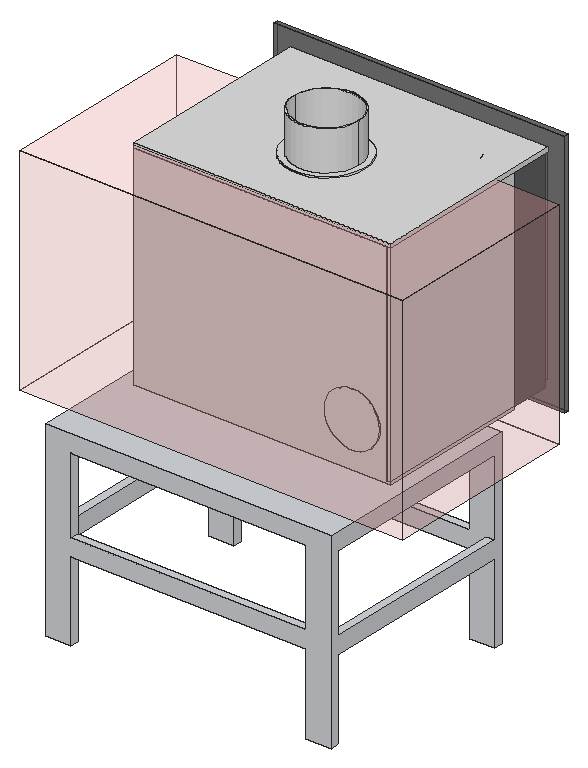
Revit family "FOGO MONTANHA-DESIGN-E609-STEEL DOOR-R19-V00", category Mechanical Equipment, host Wall, Revit 2019
Family settings
  Host = Wall
  Round Connector Dimension = Use Diameter
  Part Type = Normal
  OmniClass Number = 23.19.17.00
  Always vertical = Yes
  Cut with Voids When Loaded = No
  Shared = No
  Room Calculation Point = No
Parameters (values of type "Black Steel Door-4 sided Glass Frame 50mm")
  r_SmallDuct_Top = Diameter / 2  # 50 mm
  r_CentralDuct_Top = F / 2  # 75 mm
  r_Duct_back = 65 mm
  V = 182
  Support Table [instance] = yes
  Pu = 5.6
  Power = 8 kW
  Pn = 8
  P = 94
  Glass = Fogo Montanha-Glass
  Frame Type = FOGO MONTANHA-DESIGN-4L FRAME : E609-50mm-Glass
  Electrical Power = 32 W
  Electric tension = 230 V
  Efficiency at nominal power = "76%"
  Door_Glass_Offset = 70 mm
  Diameter = 100 mm
  Dark Glass = Fogo Montanha-Dark Glass
  URL = "https://welcome.fogo-montanha.com/pesquisar/PA2019P013"
  Door_Position = 5 mm  # constant formula
  Door = Fogo Montanha-Black Steel
  Offset_Door-Frame = 26.7 mm
  Model = "Design-E609"  # constant formula
  Manufacturer URL = "www.fogo-montanha.com"
  Manufacturer = "Fogo Montanha"  # constant formula
  Height from Level [instance] = 450 mm
  Version = "v00"  # constant formula
  Uniformat II Description = "Heat Generating Systems"  # constant formula
  Uniformat II Code = "D3020"  # constant formula
  Uniclass 2015 Name = "Space heaters"  # constant formula
  Uniclass 2015 Code = "TE_70_10_20_80"  # constant formula
  Uniclass 2.0 Description = "Space Heating And Cooling Products"  # constant formula
  Uniclass 2.0 Code = "PR-70-60-36-74"  # constant formula
  Uniclass 1.4 Description = "Fireplaces"  # constant formula
  Uniclass 1.4 Code = "L828"  # constant formula
  UNSPSC Description = "Space Heaters"  # constant formula
  UNSPSC Code = "40101819"  # constant formula
  Reference = "PA2019P013"
  Publication date = "08/2022"  # constant formula
  Number of Poles = 1
  NBS Reference Description = "Room Heaters"  # constant formula
  NBS Reference Code = "60-36-74"  # constant formula
  Masterformat 2014 Description = "Fireplaces and Stoves"  # constant formula
  Masterformat 2014 Code = "10 30 00"  # constant formula
  K = B + 13 mm  # 509 mm
  J = A + 17 mm  # 607 mm
  IfcExportType = "IfcSpaceHeaterType"  # constant formula
  IfcExportAs = "IfcSpaceHeater"  # constant formula
  G = 288 mm
  F = 150 mm
  Offset_Duct_Back = 90 mm
  Clearance Zone Visible [instance] = yes
  Clearance Zone = 150 mm
  Cl = 2.4
  CO2 = 9.1
  CO 13% O2 = 0.067
  Aux_Duct_Top = 120 mm
  Det_Door = 10 mm
  Description = "Inseríveis a lenha com ventilação tangencial incluída de série, disponíveis em preto, cinza ou porta em vidro. Incluem porta com sistema de fecho automático, ar externo canalizável através de um kit opcional, dupla combustão e câmara estanque. Possibilidade de regulação da ventilação através de um controlador GLA que, com a inclusão de um Damper, permitirá também o controlo do ar de combustão. Kit wi-fi opcional para gestão do controlador GLA à distância através de smartphone."  # constant formula
  D = 465 mm
  Body = Fogo Montanha-Steel Galvanized
  Base_Offset [instance] = if(and(Height from Level < 300 mm, Support Table), 300 mm, if(and(Height from Level > 545 mm, Support Table), 545 mm, Height from Level))  # 450 mm
  E = B  # 496 mm
  C = A  # 590 mm
  BIM Modeler URL = "www.stratbim.com"
  BIM Modeler = "StratBIM"
  B = 496 mm
  Assembly Code = "D3020"
  A = 590 mm
Types (6, lengths in mm): name | Frame Type
  Black Steel Door-4 sided Glass Frame 50mm | FOGO MONTANHA-DESIGN-4L FRAME : E609-50mm-Glass
  Black Steel Door-3 sided Glass Frame 50mm | FOGO MONTANHA-DESIGN-3L FRAME : E609-50mm-Glass
  Black Steel Door-4 sided Black Steel Frame 20mm | FOGO MONTANHA-DESIGN-4L FRAME : E609-20mm-Black Steel
  Black Steel Door-4 sided Black Steel Frame 45mm | FOGO MONTANHA-DESIGN-4L FRAME : E609-45mm-Black Steel
  Black Steel Door-3 sided Black Steel Frame 20mm | FOGO MONTANHA-DESIGN-3L FRAME : E609-20mm-Black Steel
  Black Steel Door-3 sided Black Steel Frame 45mm | FOGO MONTANHA-DESIGN-3L FRAME : E609-45mm-Black Steel
Reference planes
  plane 1 "Wall": y = 0
  plane 2 "Center (Left/Right)": x = 0
  plane 3 "Front": y = 75
  plane 4 "2": x = 295
  plane 5 "3": x = -295
  plane 6 "4": x = -295
  plane 7 "5": x = 295
  plane 8 "6": x = -303.5
  plane 9 "7": x = 303.5
  plane 10 "K'": z = 959
  plane 11 "K": z = 450
  plane 12: y = -200
  plane 13: y = -390
  plane 14 "8": x = -50
  plane 15 "9": x = 50
  plane 16 "10": x = 213.5
  plane 17: z = 704.5
  plane 18 "B'": z = 952.5
  plane 19 "B": z = 456.5
  plane 20 "E'": z = 952.5
  plane 21 "E": z = 456.5
  plane 22 "L": z = 558.7
  plane 23: y = -46
  plane 24 "M": x = -183.5
  plane 25 "M'": x = 183.5
  plane 26: z = 462
  plane 27 "S": x = -298.5
  plane 28 "T": x = 298.5
  plane 29 "U": x = 271.8
  plane 30 "V": x = -271.8
  plane 31: z = 925.8
  plane 32: z = 488.7
  plane 33: z = 558.7
  plane 34: z = 855.8
  plane 35 "W": x = 201.8
  plane 36 "X": x = -201.8
  plane 37: y = -340
  plane 38 "Y": x = 100
  plane 39 "AA": x = -100
  plane 40: y = 87
  plane 41 "BB": z = 1059
  plane 42 "Origin": z = 0
  plane 43: y = -25
Forms (mm)
  Extrusion 1, solid, material "Fogo Montanha-Steel Galvanized" <- "Body", detail levels coarse
    sketch origin (0, 75, 0) x (1, 0, 0) y (0, 0, 1)
      loop
        line (303.5, 450) -> (303.5, 952.5) -> (-303.5, 952.5) -> (-303.5, 450) -> (303.5, 450)
    from 0 to 465
  Extrusion 2, solid, material "Fogo Montanha-Steel Galvanized" <- "Body", detail levels medium+fine
    sketch origin (-303.5, 0, 0) x (0, 1, 0) y (0, 0, 1)
      loop
        line (-25, 456.5) -> (-25, 952.5) -> (-200, 952.5) -> (-390, 952.5) -> (-390, 456.5) -> (-25, 456.5)
    from 0 to 8.5
  Extrusion 3, solid, material "Fogo Montanha-Steel Galvanized" <- "Body", detail levels medium+fine
    sketch origin (303.5, 30, 0) x (0, 1, 0) y (0, 0, -1)
      loop
        line (-55, -456.5) -> (-420, -456.5) -> (-420, -952.5) -> (-230, -952.5) -> (-55, -952.5) -> (-55, -456.5)
    from 0 to 8.5
  Extrusion 4, solid, material "Fogo Montanha-Steel Galvanized" <- "Body", detail levels medium+fine
    sketch origin (1420, -390, 1200) x (1, 0, 0) y (0, 0, 1)
      loop
        line (-1125, -743.5) -> (-1125, -247.5) -> (-1715, -247.5) -> (-1715, -743.5) -> (-1125, -743.5)
    from 0 to -8
  Extrusion 5, solid, material "Fogo Montanha-Steel Galvanized" <- "Body", detail levels medium+fine
    sketch origin (2348.699, 225, 952.5) x (1, 0, 0) y (0, 1, 0)
      loop
        line (-2652.199, -150) -> (-2652.199, -615) -> (-2045.199, -615) -> (-2045.199, -150) -> (-2652.199, -150)
      loop
        circle (-2348.699, -425) r 75
    from 10 to 0
  Extrusion 6, solid, material "Fogo Montanha-Steel Galvanized" <- "Body", detail levels medium+fine
    sketch origin (2348.699, 225, 456.5) x (1, 0, 0) y (0, 1, 0)
      loop
        line (-2652.199, -250) -> (-2652.199, -615) -> (-2045.199, -615) -> (-2045.199, -250) -> (-2652.199, -250)
    from -6.5 to 0
  Extrusion 7, solid, material "Fogo Montanha-Steel Galvanized" <- "Body", detail levels medium+fine
    sketch origin (1420, -390, 1200) x (1, 0, 0) y (0, 0, 1)
      loop
        circle (-1206.5, -641.3) r 65
    from 0 to 1
  Sweep 8, solid, material "Fogo Montanha-Steel Galvanized" <- "Body"
    path in 3D
      loop
        arc (-75, -200, 959) -> (0, -275, 959) -> (75, -200, 959) r 75
        arc (75, -200, 959) -> (0, -125, 959) -> (-75, -200, 959) r 75
    profile origin (0, -125, 959) x (0, -1, 0) y (0, 0, 1)
      loop
        line (0, 3.5) -> (0, 100) -> (-2, 100) -> (-2, 6.467) -> (-17, 6.467) -> (-17, 3.5) -> (0, 3.5)
  Extrusion 9, solid, material "Fogo Montanha-Dark Glass" <- "Dark Glass", detail levels medium+fine
    sketch origin (0, 75, 0) x (1, 0, 0) y (0, 0, 1)
      loop
        line (271.8, 488.7) -> (271.8, 925.8) -> (-271.8, 925.8) -> (-271.8, 488.7) -> (271.8, 488.7)
      loop
        line (201.8, 558.7) -> (201.8, 855.8) -> (-201.8, 855.8) -> (-201.8, 558.7) -> (201.8, 558.7)
    from 0 to -2
  Extrusion 10, solid, material "Fogo Montanha-Vermiculite", detail levels medium+fine
    sketch origin (-271.8, 0, 0) x (0, 1, 0) y (0, 0, 1)
      loop
        line (-25, 488.7) -> (-25, 855.8) -> (-200, 855.8) -> (-340, 704.5) -> (-340, 488.7) -> (-25, 488.7)
    from 0 to 8.5
  Extrusion 11, solid, material "Fogo Montanha-Vermiculite", detail levels medium+fine
    sketch origin (271.8, 0, 0) x (0, 1, 0) y (0, 0, 1)
      loop
        line (-25, 488.7) -> (-25, 855.8) -> (-200, 855.8) -> (-340, 704.5) -> (-340, 488.7) -> (-25, 488.7)
    from 0 to -8.5
  Extrusion 12, solid, material "Fogo Montanha-Vermiculite", detail levels medium+fine
    sketch origin (1420, -340, 1200) x (1, 0, 0) y (0, 0, 1)
      loop
        line (-1156.7, -711.3) -> (-1156.7, -495.5) -> (-1683.3, -495.5) -> (-1683.3, -711.3) -> (-1156.7, -711.3)
    from 0 to -8.5
  Extrusion 13, solid, material "Fogo Montanha-Vermiculite", detail levels medium+fine
    sketch origin (0, 0, 0) x (0, 1, 0) y (0, 0, 1)
      loop
        line (-200, 855.8) -> (-340, 704.5) -> (-329.009, 704.5) -> (-200, 842.392) -> (-200, 855.8)
    from -271.8 to 271.8
  Extrusion 14, solid, material "Fogo Montanha-Vermiculite", detail levels medium+fine
    sketch origin (2348.699, 225, 488.7) x (1, 0, 0) y (0, 1, 0)
      loop
        line (-2620.499, -250) -> (-2620.499, -565) -> (-2076.899, -565) -> (-2076.899, -250) -> (-2620.499, -250)
      loop
        line (-2248.699, -271) -> (-2448.699, -271) -> (-2448.699, -425) -> (-2248.699, -425) -> (-2248.699, -271)
    from 0 to 10
  Extrusion 15, solid, material "Fogo Montanha-Steel Galvanized", detail levels medium+fine
    sketch origin (2348.699, 225, 488.7) x (1, 0, 0) y (0, 1, 0)
      loop
        line (-2248.699, -271) -> (-2448.699, -271) -> (-2448.699, -425) -> (-2248.699, -425) -> (-2248.699, -271)
      loop
        line (-2435.699, -300) -> (-2361.699, -300)
        arc (-2361.699, -300) -> (-2359.578, -299.121) -> (-2358.699, -297) r 3
        line (-2358.699, -297) -> (-2358.699, -284)
        arc (-2358.699, -284) -> (-2359.578, -281.879) -> (-2361.699, -281) r 3
        line (-2361.699, -281) -> (-2435.699, -281)
        arc (-2435.699, -281) -> (-2437.82, -281.879) -> (-2438.699, -284) r 3
        line (-2438.699, -284) -> (-2438.699, -297)
        arc (-2438.699, -297) -> (-2437.82, -299.121) -> (-2435.699, -300) r 3
      loop
        arc (-2261.699, -300) -> (-2259.578, -299.121) -> (-2258.699, -297) r 3
        line (-2258.699, -297) -> (-2258.699, -284)
        arc (-2258.699, -284) -> (-2259.578, -281.879) -> (-2261.699, -281) r 3
        line (-2261.699, -281) -> (-2335.699, -281)
        arc (-2335.699, -281) -> (-2337.82, -281.879) -> (-2338.699, -284) r 3
        line (-2338.699, -284) -> (-2338.699, -297)
        arc (-2338.699, -297) -> (-2337.82, -299.121) -> (-2335.699, -300) r 3
        line (-2335.699, -300) -> (-2261.699, -300)
      loop
        line (-2435.699, -329) -> (-2361.699, -329)
        arc (-2361.699, -329) -> (-2359.578, -328.121) -> (-2358.699, -326) r 3
        line (-2358.699, -326) -> (-2358.699, -313)
        arc (-2358.699, -313) -> (-2359.578, -310.879) -> (-2361.699, -310) r 3
        line (-2361.699, -310) -> (-2435.699, -310)
        arc (-2435.699, -310) -> (-2437.82, -310.879) -> (-2438.699, -313) r 3
        line (-2438.699, -313) -> (-2438.699, -326)
        arc (-2438.699, -326) -> (-2437.82, -328.121) -> (-2435.699, -329) r 3
      loop
        arc (-2261.699, -329) -> (-2259.578, -328.121) -> (-2258.699, -326) r 3
        line (-2258.699, -326) -> (-2258.699, -313)
        arc (-2258.699, -313) -> (-2259.578, -310.879) -> (-2261.699, -310) r 3
        line (-2261.699, -310) -> (-2335.699, -310)
        arc (-2335.699, -310) -> (-2337.82, -310.879) -> (-2338.699, -313) r 3
        line (-2338.699, -313) -> (-2338.699, -326)
        arc (-2338.699, -326) -> (-2337.82, -328.121) -> (-2335.699, -329) r 3
        line (-2335.699, -329) -> (-2261.699, -329)
      loop
        line (-2435.699, -358) -> (-2361.699, -358)
        arc (-2361.699, -358) -> (-2359.578, -357.121) -> (-2358.699, -355) r 3
        line (-2358.699, -355) -> (-2358.699, -342)
        arc (-2358.699, -342) -> (-2359.578, -339.879) -> (-2361.699, -339) r 3
        line (-2361.699, -339) -> (-2435.699, -339)
        arc (-2435.699, -339) -> (-2437.82, -339.879) -> (-2438.699, -342) r 3
        line (-2438.699, -342) -> (-2438.699, -355)
        arc (-2438.699, -355) -> (-2437.82, -357.121) -> (-2435.699, -358) r 3
      loop
        arc (-2261.699, -358) -> (-2259.578, -357.121) -> (-2258.699, -355) r 3
        line (-2258.699, -355) -> (-2258.699, -342)
        arc (-2258.699, -342) -> (-2259.578, -339.879) -> (-2261.699, -339) r 3
        line (-2261.699, -339) -> (-2335.699, -339)
        arc (-2335.699, -339) -> (-2337.82, -339.879) -> (-2338.699, -342) r 3
        line (-2338.699, -342) -> (-2338.699, -355)
        arc (-2338.699, -355) -> (-2337.82, -357.121) -> (-2335.699, -358) r 3
        line (-2335.699, -358) -> (-2261.699, -358)
      loop
        line (-2435.699, -387) -> (-2361.699, -387)
        arc (-2361.699, -387) -> (-2359.578, -386.121) -> (-2358.699, -384) r 3
        line (-2358.699, -384) -> (-2358.699, -371)
        arc (-2358.699, -371) -> (-2359.578, -368.879) -> (-2361.699, -368) r 3
        line (-2361.699, -368) -> (-2435.699, -368)
        arc (-2435.699, -368) -> (-2437.82, -368.879) -> (-2438.699, -371) r 3
        line (-2438.699, -371) -> (-2438.699, -384)
        arc (-2438.699, -384) -> (-2437.82, -386.121) -> (-2435.699, -387) r 3
      loop
        arc (-2261.699, -387) -> (-2259.578, -386.121) -> (-2258.699, -384) r 3
        line (-2258.699, -384) -> (-2258.699, -371)
        arc (-2258.699, -371) -> (-2259.578, -368.879) -> (-2261.699, -368) r 3
        line (-2261.699, -368) -> (-2335.699, -368)
        arc (-2335.699, -368) -> (-2337.82, -368.879) -> (-2338.699, -371) r 3
        line (-2338.699, -371) -> (-2338.699, -384)
        arc (-2338.699, -384) -> (-2337.82, -386.121) -> (-2335.699, -387) r 3
        line (-2335.699, -387) -> (-2261.699, -387)
      loop
        line (-2435.699, -416) -> (-2361.699, -416)
        arc (-2361.699, -416) -> (-2359.578, -415.121) -> (-2358.699, -413) r 3
        line (-2358.699, -413) -> (-2358.699, -400)
        arc (-2358.699, -400) -> (-2359.578, -397.879) -> (-2361.699, -397) r 3
        line (-2361.699, -397) -> (-2435.699, -397)
        arc (-2435.699, -397) -> (-2437.82, -397.879) -> (-2438.699, -400) r 3
        line (-2438.699, -400) -> (-2438.699, -413)
        arc (-2438.699, -413) -> (-2437.82, -415.121) -> (-2435.699, -416) r 3
      loop
        arc (-2261.699, -416) -> (-2259.578, -415.121) -> (-2258.699, -413) r 3
        line (-2258.699, -413) -> (-2258.699, -400)
        arc (-2258.699, -400) -> (-2259.578, -397.879) -> (-2261.699, -397) r 3
        line (-2261.699, -397) -> (-2335.699, -397)
        arc (-2335.699, -397) -> (-2337.82, -397.879) -> (-2338.699, -400) r 3
        line (-2338.699, -400) -> (-2338.699, -413)
        arc (-2338.699, -413) -> (-2337.82, -415.121) -> (-2335.699, -416) r 3
        line (-2335.699, -416) -> (-2261.699, -416)
    from 0 to 10
  Extrusion 16, solid, material "Fogo Montanha-Black Steel", detail levels medium+fine
    sketch origin (0, 75, 0) x (1, 0, 0) y (0, 0, 1)
      loop
        line (271.8, 488.7) -> (271.8, 925.8) -> (-271.8, 925.8) -> (-271.8, 488.7) -> (-269.8, 488.7) -> (-269.8, 923.8) -> (269.8, 923.8) -> (269.8, 488.7) -> (271.8, 488.7)
    from 0 to 100
  Extrusion 17, solid, visible <- "Clearance Zone Visible"
    sketch origin (2348.699, 225, 952.5) x (1, 0, 0) y (0, 1, 0)
      loop
        line (-2802.199, -300) -> (-2802.199, -765) -> (-1895.199, -765) -> (-1895.199, -300) -> (-2045.199, -300) -> (-2045.199, -615) -> (-2652.199, -615) -> (-2652.199, -300) -> (-2802.199, -300)
    from -502.5 to 6.5
  Extrusion 18, solid
    sketch origin (2348.699, 225, 959) x (1, 0, 0) y (0, 1, 0)
      loop
        circle (-2165.199, -271) r 50
    from 0 to 1
  Extrusion 19, solid
    sketch origin (2348.699, 225, 959) x (1, 0, 0) y (0, 1, 0)
      loop
        circle (-2532.199, -271) r 50
    from 0 to 1
  Extrusion 20, solid, material "Fogo Montanha-Black Steel", detail levels medium+fine
    sketch origin (1420, -25, 1200) x (1, 0, 0) y (0, 0, 1)
      loop
        line (-1148.2, -711.3) -> (-1148.2, -274.2) -> (-1691.8, -274.2) -> (-1691.8, -711.3) -> (-1148.2, -711.3)
      loop
        line (-1125, -750) -> (-1125, -247.5) -> (-1715, -247.5) -> (-1715, -750) -> (-1125, -750)
    from 0 to -10
  Extrusion 21, solid, material "Fogo Montanha-Black Steel", detail levels medium+fine
    sketch origin (0, 75, 0) x (1, 0, 0) y (0, 0, 1)
      loop
        line (271.8, 486.7) -> (271.8, 925.8) -> (-271.8, 925.8) -> (-271.8, 486.7) -> (271.8, 486.7)
      loop
        line (269.8, 488.7) -> (269.8, 923.8) -> (-269.8, 923.8) -> (-269.8, 488.7) -> (269.8, 488.7)
    from 0 to 100
  Extrusion 22, solid, material "Fogo Montanha-Black Steel", detail levels medium+fine
    sketch origin (0, 75, 0) x (1, 0, 0) y (0, 0, 1)
      loop
        line (297, 450) -> (297, 952.5) -> (-297, 952.5) -> (-297, 450) -> (297, 450)
      loop
        line (295, 452) -> (295, 950.5) -> (-295, 950.5) -> (-295, 452) -> (295, 452)
    from 0 to 100
  Extrusion 23, solid, material "Fogo Montanha-Dark Glass", detail levels medium+fine
    sketch origin (0, 75, 0) x (1, 0, 0) y (0, 0, 1)
      loop
        line (271.8, 488.7) -> (271.8, 925.8) -> (-271.8, 925.8) -> (-271.8, 488.7) -> (271.8, 488.7)
      loop
        line (-201.8, 558.7) -> (201.8, 558.7) -> (201.8, 855.8) -> (-201.8, 855.8) -> (-201.8, 558.7)
    from 0 to 2
  Extrusion 24, solid, material "Fogo Montanha-Glass" <- "Glass", detail levels medium+fine
    sketch origin (0, 75, 0) x (1, 0, 0) y (0, 0, 1)
      loop
        line (201.8, 558.7) -> (201.8, 855.8) -> (-201.8, 855.8) -> (-201.8, 558.7) -> (201.8, 558.7)
    from 0 to 2
  Extrusion 25, solid, material "Fogo Montanha-Steel", detail levels medium+fine
    sketch origin (0, 0, 0) x (0, 1, 0) y (0, 0, 1)
      loop
        line (-46, 884.8) -> (-46, 892.8) -> (-250, 892.8) -> (-250, 867.347) -> (-200, 867.347) -> (-180, 855.8) -> (-75, 855.8) -> (-46, 884.8)
    from -150 to 150
  Extrusion 26, solid, material "Fogo Montanha-Black Steel", detail levels medium+fine
    sketch origin (0, 0, 103.5) x (1, 0, 0) y (0, 0, 1)
      loop
        line (271.8, 385.2) -> (271.8, 822.3) -> (-271.8, 822.3) -> (-271.8, 385.2) -> (271.8, 385.2)
      loop
        line (-201.8, 455.2) -> (201.8, 455.2) -> (201.8, 752.3) -> (-201.8, 752.3) -> (-201.8, 455.2)
    from -20 to -22
  Extrusion 27, solid, material "Fogo Montanha-Black Steel", detail levels medium+fine
    sketch origin (0, 75, 107.7) x (1, 0, 0) y (0, 0, 1)
      loop
        line (271.8, 451) -> (-271.8, 451) -> (-271.8, 449) -> (271.8, 449) -> (271.8, 451)
    from 2 to 53
Cuts and joins
  joined: Extrusion 10, Extrusion 11, Extrusion 12, Extrusion 13, Extrusion 14
  joined: Extrusion 21, Extrusion 27
  joined: Extrusion 16, Extrusion 26
  joined: Extrusion 2, Extrusion 4, Extrusion 6
Lines and regions (mm)
  Opening 1
    outline origin (-5000, -75, 0) x (1, 0, 0) y (0, 0, 1)
      loop
        line (4696.5, 450) -> (5303.5, 450) -> (5303.5, 959) -> (4696.5, 959) -> (4696.5, 450)
  reference lines
    curve 1: circle (0, -200, 959) r 75 normal (0, 0, 1)
    curve 2: circle (213.5, 75, 558.7) r 65 normal (0, -1, 0)
    curve 4: circle (-183.5, -46, 952.5) r 50 normal (0, 0, 1)
    curve 5: circle (183.5, -46, 952.5) r 50 normal (0, 0, 1)
  sketch lines
    curve 3: circle (0, -200, 959) r 75 normal (0, 0, 1)
Text (mm)
  text "Placement side" at (-1304.494, 278.82, 0), in view "Ref. Level"
  text "Placement side" at (0, 1334.055, 2976.191), in view "Left"
  text "Placement side" at (0, 439.194, 2944.362), in view "Right"
Dimensions and locks
  locked: plane 3 "Front" to host wall at 0
  "C": plane 4 "2" to plane 5 "3"
  equal spacing: plane 4 "2", plane 2 "Center (Left/Right)", plane 5 "3"
  equal spacing: plane 7 "5", plane 2 "Center (Left/Right)", plane 6 "4"
  "A": plane 7 "5" to plane 6 "4"
  equal spacing: plane 9 "7", plane 2 "Center (Left/Right)", plane 8 "6"
  "J": plane 8 "6" to plane 9 "7"
  "K": plane 11 "K" to plane 10 "K'"
  "Base_Offset": level to plane 11 "K"
  equal spacing: plane 14 "8", plane 2 "Center (Left/Right)", plane 15 "9"
  plane 14 "8" to plane 15 "9" = 100 mm
  equal spacing: plane 11 "K", plane 17, plane 10 "K'"
  equal spacing: plane 19 "B", plane 17, plane 18 "B'"
  "B": plane 19 "B" to plane 18 "B'"
  equal spacing: plane 21 "E", plane 17, plane 20 "E'"
  "E": plane 21 "E" to plane 20 "E'"
  "Offset_Duct_Back": plane 9 "7" to plane 16 "10"
  locked: plane 11 "K" to plane 22 "L" at 108.7
  "Aux_Duct_Top": plane 8 "6" to plane 24 "M"
  "Aux_Duct_Top": plane 25 "M'" to plane 9 "7"
  "Offset_Door-Frame": plane 26 to plane 32
  "Offset_Door-Frame": plane 28 "T" to plane 29 "U"
  "Offset_Door-Frame": plane 30 "V" to plane 27 "S"
  "Door_Glass_Offset": plane 32 to plane 33
  "Door_Glass_Offset": plane 34 to plane 31
  "Door_Glass_Offset": plane 29 "U" to plane 35 "W"
  "Door_Glass_Offset": plane 36 "X" to plane 30 "V"
  locked: plane 13 to plane 37 at 50
  locked: plane 3 "Front" to plane 40 at 12
  Extrusion 15 sketch curve to Extrusion 15 sketch curve to Extrusion 15 sketch curve to Extrusion 15 sketch curve to Extrusion 15 sketch curve to Extrusion 15 sketch curve = 10 mm locked, 80 mm locked, 20 mm locked, 80 mm locked, 10 mm locked
  Extrusion 15 sketch curve to Extrusion 15 sketch curve to Extrusion 15 sketch curve to Extrusion 15 sketch curve to Extrusion 15 sketch curve to Extrusion 15 sketch curve to Extrusion 15 sketch curve to Extrusion 15 sketch curve to Extrusion 15 sketch curve to Extrusion 15 sketch curve to Extrusion 15 sketch curve to Extrusion 15 sketch curve = 10 mm locked, 19 mm locked, 10 mm locked, 19 mm locked, 10 mm locked, 19 mm locked, 10 mm locked, 19 mm locked, 10 mm locked, 19 mm locked, 9 mm locked
  "Door_Position": plane 9 "7" to plane 28 "T"
  "Door_Position": plane 27 "S" to plane 8 "6"
  locked: plane 43 to plane 3 "Front" at 100
  "Clearance Zone": Extrusion 17 sketch curve to Extrusion 17 sketch curve  (x3)
  locked: Extrusion 9 to Extrusion 16 at 2
  locked: Extrusion 16 to Extrusion 9 at 2  (x2)
  locked: Extrusion 21 sketch curve to Extrusion 9 at 2
  "Offset_Door-Frame": plane 31 to plane 20 "E'"
  locked: plane 10 "K'" to plane 41 "BB" at 100
  Extrusion 27 sketch curve to plane 33 = 2 mm
  plane 11 "K" to Extrusion 22 sketch curve = 2 mm
  locked: Extrusion 22 sketch curve to plane 20 "E'" at 2
  locked: Extrusion 22 sketch curve to plane 7 "5" at 2
  locked: plane 6 "4" to Extrusion 22 sketch curve at 2
  plane 11 "K" to plane 21 "E" = 6.5 mm
  locked: plane 11 "K" to plane 26 at 12
  locked: plane 23 to plane 43 at 21
  locked: plane 12 to plane 23 at 154
  locked: plane 37 to plane 12 at 140
  locked: plane 43 to plane 1 "Wall" at 25
  cut or joined group of Extrusion 16, Extrusion 26 to cut or joined group of Extrusion 16, Extrusion 26 to plane 40 = 2 mm locked, 65 mm locked
  "r_CentralDuct_Top": radius of curve 1
  "r_Duct_back": radius of curve 2
  "r_SmallDuct_Top": radius of curve 5
  "r_SmallDuct_Top": radius of curve 4
  aligned and locked: plane 8 "6" to Opening 1 sketch curve
  aligned and locked: Opening 1 sketch curve to plane 9 "7"
  aligned and locked: plane 10 "K'" to Opening 1 sketch curve
  aligned and locked: plane 11 "K" to Opening 1 sketch curve
  aligned and locked: plane 8 "6" to Extrusion 1 sketch curve
  aligned and locked: Extrusion 1 sketch curve to plane 9 "7"
  aligned and locked: plane 18 "B'" to Extrusion 1 sketch curve
  aligned and locked: plane 13 to Extrusion 1
  aligned and locked: plane 19 "B" to Extrusion 2 sketch curve
  aligned and locked: plane 18 "B'" to Extrusion 2 sketch curve
  aligned and locked: plane 13 to Extrusion 2 sketch curve
  aligned and locked: Extrusion 3 sketch curve to plane 18 "B'"
  aligned and locked: Extrusion 3 sketch curve to plane 13
  aligned and locked: Extrusion 3 sketch curve to plane 19 "B"
  aligned and locked: plane 4 "2" to Extrusion 4 sketch curve
  aligned and locked: plane 5 "3" to Extrusion 4 sketch curve
  aligned and locked: plane 21 "E" to Extrusion 4 sketch curve
  aligned and locked: plane 20 "E'" to Extrusion 4 sketch curve
  aligned and locked: plane 5 "3" to Extrusion 2
  aligned and locked: Extrusion 3 to plane 4 "2"
  aligned and locked: Extrusion 5 sketch curve to plane 8 "6"
  aligned and locked: plane 9 "7" to Extrusion 5 sketch curve
  aligned and locked: Extrusion 5 sketch curve to plane 13
  aligned and locked: Extrusion 5 sketch curve to curve 1
  aligned and locked: plane 9 "7" to Extrusion 6 sketch curve
  aligned and locked: Extrusion 6 sketch curve to plane 8 "6"
  aligned and locked: Extrusion 6 sketch curve to plane 13
  aligned and locked: Extrusion 7 sketch curve to curve 2
  aligned and locked: plane 24 "M" to curve 4
  aligned and locked: plane 23 to curve 4
  aligned and locked: plane 23 to curve 5
  aligned and locked: plane 25 "M'" to curve 5
  aligned and locked: plane 32 to Extrusion 9 sketch curve
  aligned and locked: Extrusion 9 sketch curve to plane 29 "U"
  aligned and locked: Extrusion 9 sketch curve to plane 31
  aligned and locked: plane 30 "V" to Extrusion 9 sketch curve
  aligned and locked: Extrusion 10 to plane 32
  aligned and locked: plane 34 to Extrusion 10 sketch curve
  aligned and locked: plane 12 to Extrusion 10 sketch curve
  aligned and locked: Extrusion 12 to Extrusion 10
  aligned and locked: Extrusion 12 to Extrusion 11
  aligned and locked: Extrusion 11 sketch curve to Extrusion 12
  aligned and locked: Extrusion 10 sketch curve to plane 37
  aligned and locked: plane 17 to Extrusion 12
  aligned and locked: plane 17 to Extrusion 10 sketch curve
  aligned and locked: plane 17 to Extrusion 11 sketch curve
  aligned and locked: Extrusion 13 sketch curve to Extrusion 10
  aligned and locked: plane 17 to Extrusion 13 sketch curve
  aligned and locked: plane 12 to Extrusion 13 sketch curve
  aligned and locked: plane 29 "U" to Extrusion 13
  aligned and locked: Extrusion 13 to plane 30 "V"
  aligned and locked: Extrusion 10 to Extrusion 12
  aligned and locked: Extrusion 14 sketch curve to plane 30 "V"
  aligned and locked: Extrusion 14 sketch curve to plane 37
  aligned and locked: Extrusion 14 sketch curve to plane 29 "U"
  aligned and locked: plane 12 to Extrusion 14 sketch curve
  aligned and locked: Extrusion 14 sketch curve to plane 23
  aligned and locked: Extrusion 14 sketch curve to plane 39 "AA"
  aligned and locked: plane 38 "Y" to Extrusion 14 sketch curve
  aligned and locked: Extrusion 15 sketch curve to plane 38 "Y"
  aligned and locked: Extrusion 15 sketch curve to plane 23
  aligned and locked: Extrusion 15 to plane 32
  aligned and locked: Extrusion 14 to Extrusion 15
  aligned and locked: Extrusion 15 sketch curve to Extrusion 15 sketch curve  (x26)
  aligned and locked: nested 1 to plane 2 "Center (Left/Right)"
  aligned and locked: plane 41 "BB" to Sweep 8 sketch curve
  aligned and locked: Extrusion 5 to Sweep 8 sketch curve
  aligned and locked: level to plane 42 "Origin"
  aligned and locked: Extrusion 10 sketch curve to plane 43
  aligned and locked: plane 43 to Extrusion 3 sketch curve
  aligned and locked: Extrusion 2 sketch curve to plane 43
  aligned and locked: plane 29 "U" to Extrusion 16 sketch curve
  aligned and locked: plane 31 to Extrusion 16 sketch curve
  aligned and locked: plane 30 "V" to Extrusion 16 sketch curve
  aligned and locked: Extrusion 16 sketch curve to plane 32
  aligned and locked: plane 32 to Extrusion 16 sketch curve
  aligned and locked: plane 43 to Extrusion 16
  aligned and locked: Extrusion 14 sketch curve to plane 43
  aligned and locked: Extrusion 17 sketch curve to host wall
  aligned and locked: host wall to Extrusion 17 sketch curve
  aligned and locked: Extrusion 17 to host wall  (x2)
  aligned and locked: Extrusion 18 sketch curve to curve 5
  aligned and locked: Extrusion 19 sketch curve to curve 4
  aligned and locked: Extrusion 6 to plane 11 "K"
  aligned and locked: nested 1 to plane 17
  aligned and locked: Extrusion 22 sketch curve to plane 7 "5"
  aligned and locked: Extrusion 22 sketch curve to plane 20 "E'"
  aligned and locked: plane 6 "4" to Extrusion 22 sketch curve
  aligned and locked: plane 31 to Extrusion 23 sketch curve
  aligned and locked: Extrusion 23 sketch curve to plane 30 "V"
  aligned and locked: plane 29 "U" to Extrusion 23 sketch curve
  aligned and locked: Extrusion 23 sketch curve to plane 32
  aligned and locked: Extrusion 6 to Extrusion 2
  aligned and locked: plane 35 "W" to Extrusion 9 sketch curve
  aligned and locked: plane 34 to Extrusion 9 sketch curve
  aligned and locked: plane 36 "X" to Extrusion 9 sketch curve
  aligned and locked: plane 33 to Extrusion 9 sketch curve
  aligned and locked: plane 35 "W" to Extrusion 24 sketch curve
  aligned and locked: plane 34 to Extrusion 24 sketch curve
  aligned and locked: plane 33 to Extrusion 24 sketch curve
  aligned and locked: plane 36 "X" to Extrusion 24 sketch curve
  aligned and locked: Extrusion 11 sketch curve to plane 43
  aligned and locked: plane 23 to Extrusion 25 sketch curve
  aligned and locked: Extrusion 27 to Extrusion 26
  aligned and locked: Extrusion 27 sketch curve to plane 33
  aligned and locked: plane 29 "U" to Extrusion 26 sketch curve
  aligned and locked: Extrusion 26 sketch curve to plane 30 "V"
  aligned and locked: plane 29 "U" to Extrusion 27
  aligned and locked: Extrusion 27 to plane 30 "V"
  aligned and locked: Extrusion 26 sketch curve to plane 34
  aligned and locked: plane 31 to Extrusion 26 sketch curve
  aligned and locked: plane 9 "7" to Extrusion 17 sketch curve
  aligned and locked: Extrusion 17 sketch curve to plane 8 "6"
  aligned and locked: plane 13 to Extrusion 17 sketch curve
  aligned and locked: Extrusion 20 sketch curve to plane 20 "E'"
  aligned and locked: Extrusion 20 sketch curve to plane 31
  aligned and locked: Extrusion 20 sketch curve to plane 32
  aligned and locked: Extrusion 20 sketch curve to plane 7 "5"
  aligned and locked: Extrusion 20 sketch curve to plane 29 "U"
  aligned and locked: Extrusion 20 sketch curve to plane 6 "4"
  aligned and locked: Extrusion 20 sketch curve to plane 30 "V"
  aligned and locked: plane 33 to Extrusion 26 sketch curve
  aligned and locked: Extrusion 26 sketch curve to plane 32
  aligned and locked: Extrusion 1 sketch curve to plane 11 "K"
  aligned and locked: Extrusion 22 sketch curve to plane 11 "K"
  aligned and locked: Extrusion 20 sketch curve to plane 11 "K"
  aligned and locked: nested 2 to plane 2 "Center (Left/Right)"
  aligned and locked: nested 2 to host wall
  aligned and locked: Extrusion 27 to cut or joined group of Extrusion 16, Extrusion 26
  aligned and locked: Extrusion 27 to Extrusion 23
Automatic sketch dimensions
  Extrusion 2 sketch curve to plane 12 = 0 mm
  Extrusion 3 sketch curve to plane 12 = 0 mm
  Extrusion 5 sketch curve to host wall = 0 mm
  Sweep 8 sketch curve to profile plane = 0 mm
  profile plane to Sweep 8 sketch curve = 2 mm
  profile plane to Sweep 8 sketch curve = 6.467 mm
  Sweep 8 sketch curve to Sweep 8 sketch curve = 15 mm
  Extrusion 10 sketch curve to plane 32 = 0 mm
  Extrusion 12 sketch curve to plane 32 = 0 mm
  Extrusion 12 sketch curve to plane 17 = 0 mm
  plane 30 "V" to Extrusion 12 sketch curve = 8.5 mm
  Extrusion 12 sketch curve to plane 29 "U" = 8.5 mm
  Extrusion 13 sketch curve to plane 37 = 10.991 mm
  Extrusion 13 sketch curve to plane 34 = 13.408 mm
  Extrusion 15 sketch curve to Extrusion 15 sketch curve = 3 mm  (x40)
  plane 30 "V" to Extrusion 16 sketch curve = 2 mm
  Extrusion 16 sketch curve to plane 29 "U" = 2 mm
  Extrusion 16 sketch curve to plane 31 = 2 mm
  Extrusion 21 sketch curve to plane 30 "V" = 0 mm
  Extrusion 21 sketch curve to plane 32 = 0 mm
  Extrusion 21 sketch curve to plane 29 "U" = 0 mm
  Extrusion 21 sketch curve to plane 31 = 0 mm
  plane 30 "V" to Extrusion 21 sketch curve = 2 mm
  Extrusion 21 sketch curve to plane 29 "U" = 2 mm
  Extrusion 21 sketch curve to plane 31 = 2 mm
  Extrusion 23 sketch curve to plane 34 = 0 mm
  Extrusion 23 sketch curve to plane 36 "X" = 0 mm
  Extrusion 23 sketch curve to plane 22 "L" = 0 mm
  Extrusion 23 sketch curve to plane 35 "W" = 0 mm
  Extrusion 11 sketch curve to plane 12 = 0 mm
  Extrusion 11 sketch curve to plane 34 = 0 mm
  Extrusion 11 sketch curve to plane 32 = 0 mm
  Extrusion 26 sketch curve to plane 24 "M" = 18.3 mm
  Extrusion 26 sketch curve to plane 25 "M'" = 18.3 mm
  Extrusion 27 sketch curve to plane 36 "X" = 70 mm
  plane 16 "10" to Extrusion 27 sketch curve = 58.3 mm
  plane 43 to Extrusion 6 sketch curve = 0 mm
  Extrusion 25 sketch curve to plane 12 = 0 mm
  Extrusion 25 sketch curve to plane 34 = 0 mm
  plane 34 to Extrusion 25 sketch curve = 11.547 mm
  Extrusion 25 sketch curve to Extrusion 25 sketch curve = 50 mm
  Extrusion 25 sketch curve to plane 12 = 20 mm
  plane 23 to Extrusion 25 sketch curve = 29 mm
  plane 34 to Extrusion 25 sketch curve = 29 mm
  Extrusion 25 sketch curve to Extrusion 25 sketch curve = 8 mm
  curve 2 to plane 16 "10" = 0 mm
  curve 2 to plane 22 "L" = 0 mm
  curve 4 to plane 24 "M" = 0 mm
  curve 1 to plane 2 "Center (Left/Right)" = 0 mm
  plane 12 to curve 1 = 0 mm
Nested families
  nested 1: "FOGO MONTANHA-DESIGN-4L FRAME" at (0, 75, 704.5) x (-1, 0, 0) z (0, 1, 0), type <- "Frame Type", type "E609-50mm-Glass"
    with Width 50 mm
  nested 2: "FOGO MONTANHA-SUPPORT TABLE-R19-V00" at (0, -75, 0) x (-1, 0, 0) z (0, 0, 1), H <- "Base_Offset", visible <- "Support Table", type "PA1090G049"
    with H 450 mm
Connectors
  hvac at (0, -200, 1059), driven by "F"
    settings: on Sweep 8, index 1, duct flow 0.0 L/s, flow factor 0, pres drop 0.0 Pa, loss coef 0, conn angle 0.00°, conn width 304.8 mm, conn height 304.8 mm, conn diameter 150 mm, duct sys type 3, conn prof type 0, flow config 0, flow direction 2, loss method 0, conn ref index -1, conn util no, is conn primary yes, conn desc ""
  electrical at (-303.5, -206, 754.1), driven by "Number of Poles", driven by "Electric tension", driven by "Electrical Power"
    settings: on Extrusion 2, index 3, voltage 230 V, apparent load 32 VA, apparent load phase1 0 VA, apparent load phase2 0 VA, apparent load phase3 0 VA, power factor 1, load classification "Other", number of poles 1, system type 30, power factor state 1, is connector primary yes, connector utility no, sub classification motor no, connector description ""
  hvac at (213.5, -390, 558.7), driven by "Diameter"
    settings: on Extrusion 7, index 4, duct flow 0.0 L/s, flow factor 0, pres drop 0.0 Pa, loss coef 0, conn angle 0.00°, conn width 304.8 mm, conn height 304.8 mm, conn diameter 100 mm, duct sys type 1, conn prof type 0, flow config 0, flow direction 1, loss method 0, conn ref index -1, conn util no, is conn primary no, conn desc ""
  hvac at (-183.5, -46, 960), driven by "Diameter"
    settings: on Extrusion 19, index 5, duct flow 0.0 L/s, flow factor 0, pres drop 0.0 Pa, loss coef 0, conn angle 0.00°, conn width 304.8 mm, conn height 304.8 mm, conn diameter 100 mm, duct sys type 3, conn prof type 0, flow config 0, flow direction 2, loss method 0, conn ref index -1, conn util no, is conn primary no, conn desc ""
  hvac at (183.5, -46, 960), driven by "Diameter"
    settings: on Extrusion 18, index 6, duct flow 0.0 L/s, flow factor 0, pres drop 0.0 Pa, loss coef 0, conn angle 0.00°, conn width 304.8 mm, conn height 304.8 mm, conn diameter 100 mm, duct sys type 3, conn prof type 0, flow config 0, flow direction 2, loss method 0, conn ref index -1, conn util no, is conn primary no, conn desc ""
Definition of nested family "FOGO MONTANHA-DESIGN-4L FRAME"
  Parameters (values of type "E609-20mm")
    Width = 20 mm
    Uniformat II Description = "Other HVAC Systems & Equipment"
    Uniformat II Code = "D3090"
    Uniclass 2015 Name = "Fireplace Surrounds"
    Uniclass 2015 Code = "PR_70_60_80_32"
    URL = "https://www.fogo-montanha.com/pt"
    UNSPSC Code = "40101819"
    Thickness = 12 mm
    Reference = "MO2070P132"
    Model = "Design 4 Sided"  # constant formula
    Masterformat 2014 Description = "Fireplace Specialties"
    Masterformat 2014 Code = "10 32 00"
    Manufacturer = "Fogo Montanha"  # constant formula
    Frame Material = none
    Default Elevation = 1219.2 mm
    B = 488 mm
    A = 588 mm
  Types (15, lengths in mm): name | Width | Reference | Default Elevation | B | A
    E609H-50mm | 50 | "MO2070V016" | 1219.2 | 690 | 587
    E609H-45mm | 45 | "MO2070P134" | 1219.2 | 690 | 587
    E609H-20mm | 20 | "MO2070P136" | 1219.2 | 690 | 587
    E609-50mm | 50 | "MO2070V014" | 1219.2 | 488 | 588
    E709-50mm | 50 | "MO2070V018" | 1219.2 | 556 | 688
    E809-50mm | 50 | "MO2070V020" | 1219.2 | 628 | 788
    E909-50mm | 50 | "MO2070V023" | 1219.2 | 698 | 888
    E609-45mm | 45 | "MO2070P130" | 1219.2 | 488 | 588
    E709-45mm | 45 | "MO2070P138" | 5 | 556 | 688
    E809-45mm | 45 | "MO2070P142" | 1219.2 | 628 | 788
    E909-45mm | 45 | "MO2070P146" | 1219.2 | 698 | 888
    E609-20mm | 20 | "MO2070P132" | 1219.2 | 488 | 588
    E709-20mm | 20 | "MO2070P140" | 1219.2 | 556 | 688
    E809-20mm | 20 | "MO2070P144" | 1219.2 | 628 | 788
    E909-20mm | 20 | "MO2070P148" | 1219.2 | 698 | 888
  Reference planes
    plane 1 "Center (Front/Back)": y = 0
    plane 2: z = 0
    plane 3 "Center (Left/Right)": x = 0
    plane 4: x = -294
    plane 5: x = 294
    plane 6: y = 244
    plane 7: y = -244
    plane 8: x = -314
    plane 9: z = 12
  Forms (mm)
    Extrusion 1, solid
      sketch origin (0, 0, 0) x (1, 0, 0) y (0, 1, 0)
        loop
          line (-1219.2, 1219.2) -> (-1219.2, -1219.2) -> (1219.2, -1219.2) -> (1219.2, 1219.2) -> (-1219.2, 1219.2)
      from 0 to -304.8
    Sweep 2, solid, material <- "Frame Material"
      path origin (0, 0, 0) x (1, 0, 0) y (0, 1, 0)
        loop
          line (-294, -244) -> (294, -244) -> (294, 244) -> (-294, 244) -> (-294, -244)
      profile origin (-294, 0, 0) x (1, 0, 0) y (0, 0, 1)
        loop
          line (-20, 12) -> (-20, 0) -> (0, 0) -> (0, 12) -> (-20, 12)
  Dimensions and locks
    equal spacing: plane 6, plane 1 "Center (Front/Back)", plane 7
    "B": plane 6 to plane 7
    equal spacing: plane 4, plane 3 "Center (Left/Right)", plane 5
    "A": plane 4 to plane 5
    "Thickness": plane 9 to plane 2
    "Width": plane 4 to plane 8
    aligned and locked: plane 2 to Extrusion 1
    aligned and locked: level to Extrusion 1
    aligned and locked: plane 7 to Sweep 2 sketch curve
    aligned and locked: Sweep 2 sketch curve to plane 4  (x2)
    aligned and locked: plane 6 to Sweep 2 sketch curve
    aligned and locked: Sweep 2 sketch curve to plane 5
    aligned and locked: Sweep 2 sketch curve to plane 9
    aligned and locked: Sweep 2 sketch curve to plane 8
    aligned and locked: Sweep 2 sketch curve to plane 2
  Automatic sketch dimensions
    Extrusion 1 sketch curve to Extrusion 1 sketch curve = 2438.4 mm  (x2)
Definition of nested family "FOGO MONTANHA-SUPPORT TABLE-R19-V00"
  Parameters (values of type "PA1090G049")
    URL = "https://fogo-montanha.com"
    Reference = "PA1090G049"
    P = 533 mm
    Model = "Support Table"  # constant formula
    Manufacturer = "Fogo Montanha"  # constant formula
    L = 677 mm
    H [instance] = 420 mm
    Description = "Mesa de suporte PA1090G049 compatível com os modelos Classic E601,Classic E701, Design E709, Design E609 e Design E609H."
  Types (4, lengths in mm): name | Reference | P | L | H | Description
    (no name) | "PA1090G049" | 533 | 677 | 420 | "Mesa de suporte PA1090G049 compatível com os modelos Classic E601,Classic E701, Design E709, Design E609 e Design E609H."
    PA1090G027 | "PA1090G027" | 470 | 677 | 300 | "Mesa de suporte PA1090G027 compatível com os modelos SQUARE D e SQUARE V."
    PA1090G049 | "PA1090G049" | 533 | 677 | 420 | "Mesa de suporte PA1090G049 compatível com os modelos Classic E601,Classic E701, Design E709, Design E609 e Design E609H."
    PA1090G051 | "PA1090G051" | 533 | 877 | 504 | "Mesa de suporte PA1090G051 compatível com os modelos Classic E901, Classic E801, Design E909 e Design E809."
  Reference planes
    plane 1 "Center (Front/Back)": y = 0
    plane 2: z = 0
    plane 3 "Center (Left/Right)": x = 0
    plane 4: x = -338.5
    plane 5: x = -318.5
    plane 6: x = -278.5
    plane 7: x = 278.5
    plane 8: x = 318.5
    plane 9: x = 338.5
    plane 10: y = 533
    plane 11: y = 513
    plane 12: y = 50
    plane 13: y = 30
    plane 14: z = 420
    plane 15: z = 380
    plane 16: z = 200
    plane 17: z = 160
  Forms (mm)
    Extrusion 1, solid
      sketch origin (0, 0, 0) x (1, 0, 0) y (0, 1, 0)
        loop
          line (-338.5, 533) -> (-338.5, 513) -> (-278.5, 513) -> (-278.5, 533) -> (-338.5, 533)
        loop
          line (-338.5, 30) -> (-278.5, 30) -> (-278.5, 50) -> (-338.5, 50) -> (-338.5, 30)
        loop
          line (278.5, 50) -> (278.5, 30) -> (338.5, 30) -> (338.5, 50) -> (278.5, 50)
        loop
          line (278.5, 533) -> (278.5, 513) -> (338.5, 513) -> (338.5, 533) -> (278.5, 533)
      from 0 to 380
    Extrusion 2, solid
      sketch origin (0, 0, 0) x (1, 0, 0) y (0, 1, 0)
        loop
          line (-338.5, 533) -> (-338.5, 30) -> (-278.5, 30) -> (-278.5, 0) -> (278.5, 0) -> (278.5, 30) -> (338.5, 30) -> (338.5, 533) -> (-338.5, 533)
      from 380 to 420
    Extrusion 3, solid
      sketch origin (0, 0, 0) x (1, 0, 0) y (0, 1, 0)
        loop
          line (338.5, 533) -> (-338.5, 533) -> (-338.5, 30) -> (338.5, 30) -> (338.5, 533)
        loop
          line (318.5, 513) -> (-318.5, 513) -> (-318.5, 50) -> (318.5, 50) -> (318.5, 513)
      from 160 to 200
  Cuts and joins
    joined: Extrusion 1, Extrusion 2, Extrusion 3
  Dimensions and locks
    locked: plane 4 to plane 5 at 20
    locked: plane 4 to plane 6 at 60
    locked: plane 7 to plane 9 at 60
    equal spacing: plane 4, plane 3 "Center (Left/Right)", plane 9
    "L": plane 4 to plane 9
    locked: plane 10 to plane 11 at 20
    locked: plane 12 to plane 13 at 20
    locked: plane 13 to plane 1 "Center (Front/Back)" at 30
    "P": plane 1 "Center (Front/Back)" to plane 10
    locked: plane 14 to plane 15 at 40
    locked: plane 15 to plane 16 at 180
    locked: plane 16 to plane 17 at 40
    "H": plane 14 to level
    locked: plane 8 to plane 9 at 20
    aligned and locked: level to plane 2
    aligned and locked: Extrusion 1 sketch curve to plane 10  (x2)
    aligned and locked: Extrusion 1 sketch curve to plane 11  (x2)
    aligned and locked: Extrusion 1 sketch curve to plane 6  (x2)
    aligned and locked: Extrusion 1 sketch curve to plane 4  (x2)
    aligned and locked: Extrusion 1 sketch curve to plane 13  (x2)
    aligned and locked: Extrusion 1 sketch curve to plane 12  (x2)
    aligned and locked: Extrusion 1 sketch curve to plane 9  (x2)
    aligned and locked: Extrusion 1 sketch curve to plane 7  (x2)
    aligned and locked: plane 15 to Extrusion 1
    aligned and locked: Extrusion 2 sketch curve to plane 10
    aligned and locked: Extrusion 2 sketch curve to plane 9
    aligned and locked: Extrusion 2 sketch curve to plane 13  (x2)
    aligned and locked: Extrusion 2 sketch curve to plane 1 "Center (Front/Back)"
    aligned and locked: Extrusion 2 sketch curve to plane 4
    aligned and locked: Extrusion 2 sketch curve to plane 6
    aligned and locked: Extrusion 2 sketch curve to plane 7
    aligned and locked: plane 14 to Extrusion 2
    aligned and locked: Extrusion 2 to plane 15
    aligned and locked: Extrusion 3 sketch curve to plane 9
    aligned and locked: Extrusion 3 sketch curve to plane 8
    aligned and locked: Extrusion 3 sketch curve to plane 5
    aligned and locked: Extrusion 3 sketch curve to plane 4
    aligned and locked: Extrusion 3 sketch curve to plane 11
    aligned and locked: Extrusion 3 sketch curve to plane 10
    aligned and locked: Extrusion 3 sketch curve to plane 12
    aligned and locked: Extrusion 3 sketch curve to plane 13
    aligned and locked: plane 16 to Extrusion 3
    aligned and locked: Extrusion 3 to plane 17
